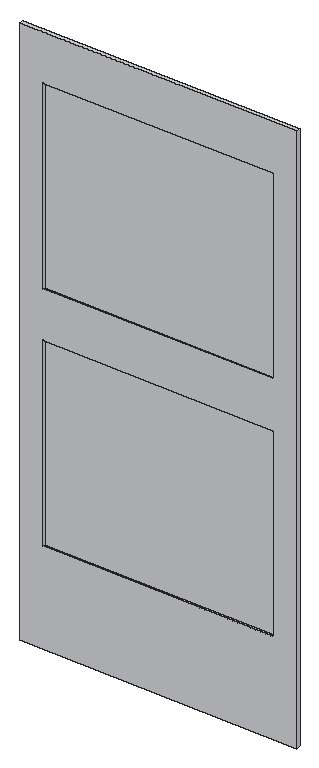
Revit family "ascot.Vogue Duo 1200", category Generic Models, Revit 2017
Family settings
  Can host rebar = No
  Round Connector Dimension = Use Diameter
  Part Type = Normal
  Work Plane-Based = No
  Always vertical = Yes
  Cut with Voids When Loaded = No
  Shared = Yes
  Room Calculation Point = No
Parameters (values of type "2720 x 1200")
  Panel_width = 600 mm  # constant formula
  Panel_thickness = 9 mm  # constant formula
  Ascot Panel Material = none
  URL = "https://www.easycraft.com.au/uploads/files/2018/08/08/file5b6a87bba428c.pdf"
  Model = "ascot.Vogue Duo 1200 (1200 x 600)"  # constant formula
  Manufacturer = "Easycraft Australia Pty Ltd ph 07 3906 7200"  # constant formula
  Panel_height = 1200 mm  # constant formula
  Description = "ASVG 120x60"  # constant formula
  Assembly Code = ""
Reference planes
  plane 1 "Center (Front/Back)": y = 0
  plane 2: z = 0
  plane 3 "Center (Left/Right)": x = 0
  plane 4 "Panel face": y = -9
  plane 5: z = 1200
  plane 6: x = 600
Forms (mm)
  Extrusion 1, solid, material <- "Ascot Panel Material"
    sketch origin (0, 0, 0) x (1, 0, 0) y (0, 1, 0)
      loop
        line (0, 0) -> (0, -9) -> (600, -9) -> (600, 0) -> (0, 0)
    from 0 to 1200
  Extrusion 2, void
    sketch origin (0, -9, 0) x (1, 0, 0) y (0, 0, 1)
      loop
        line (50, 1100) -> (50, 700) -> (550, 700) -> (550, 1100) -> (50, 1100)
    from 0 to -5
  Extrusion 3, void
    sketch origin (0, -9, -350) x (1, 0, 0) y (0, 0, 1)
      loop
        line (50, 950) -> (50, 550) -> (550, 550) -> (550, 950) -> (50, 950)
    from 0 to -5
Cuts and joins
  Extrusion 2, Extrusion 3 cuts Extrusion 1
Dimensions and locks
  "Panel_thickness": plane 4 "Panel face" to plane 1 "Center (Front/Back)"
  "Panel_height": plane 5 to plane 2
  "Panel_width": plane 6 to plane 3 "Center (Left/Right)"
  locked: cut or joined group of Extrusion 1, Extrusion 2, Extrusion 3 to plane 3 "Center (Left/Right)" at 50  (x2)
  locked: plane 6 to cut or joined group of Extrusion 1, Extrusion 2, Extrusion 3 at 50  (x2)
  locked: plane 5 to cut or joined group of Extrusion 1, Extrusion 2, Extrusion 3 at 100
  locked: plane 5 to cut or joined group of Extrusion 1, Extrusion 2, Extrusion 3 at 500
  locked: cut or joined group of Extrusion 1, Extrusion 2, Extrusion 3 to plane 2 at 200
  locked: cut or joined group of Extrusion 1, Extrusion 2, Extrusion 3 to plane 2 at 600
  cut or joined group of Extrusion 1, Extrusion 2, Extrusion 3 to cut or joined group of Extrusion 1, Extrusion 2, Extrusion 3 to cut or joined group of Extrusion 1, Extrusion 2, Extrusion 3 to cut or joined group of Extrusion 1, Extrusion 2, Extrusion 3 to cut or joined group of Extrusion 1, Extrusion 2, Extrusion 3 to cut or joined group of Extrusion 1, Extrusion 2, Extrusion 3 = 100 mm, 400 mm, 100 mm, 400 mm, 200 mm
  cut or joined group of Extrusion 1, Extrusion 2, Extrusion 3 to cut or joined group of Extrusion 1, Extrusion 2, Extrusion 3 = 500 mm
  aligned and locked: level to plane 2
  aligned and locked: Extrusion 1 to level
  aligned and locked: plane 4 "Panel face" to Extrusion 1
  aligned and locked: plane 5 to Extrusion 1
  aligned and locked: Extrusion 1 sketch curve to plane 6
Automatic sketch dimensions
  Extrusion 1 sketch curve to plane 3 "Center (Left/Right)" = 0 mm
  plane 4 "Panel face" to Extrusion 1 sketch curve = 0 mm
  plane 1 "Center (Front/Back)" to Extrusion 1 sketch curve = 0 mm
  plane 3 "Center (Left/Right)" to Extrusion 2 sketch curve = 50 mm
  Extrusion 2 sketch curve to plane 6 = 50 mm
  Extrusion 2 sketch curve to plane 5 = 500 mm
  Extrusion 2 sketch curve to plane 5 = 100 mm
  plane 3 "Center (Left/Right)" to Extrusion 3 sketch curve = 50 mm
  Extrusion 3 sketch curve to plane 6 = 50 mm
  level to Extrusion 3 sketch curve = 200 mm
  Extrusion 3 sketch curve to Extrusion 3 sketch curve = 400 mm
